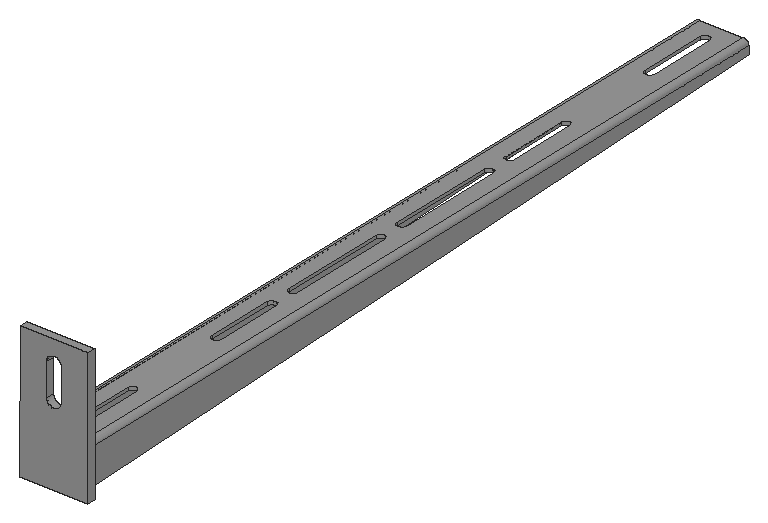
Revit family "Wand- und Stielausleger- FLA 600 G", category Generic Models, Revit 2017
Family settings
  Can host rebar = No
  Round Connector Dimension = Use Diameter
  Part Type = Normal
  Work Plane-Based = No
  Always vertical = Yes
  Cut with Voids When Loaded = No
  Shared = No
  Room Calculation Point = No
Parameters (values of type "FLA 600 G")
  Width = 600 mm
  URL = "http://www.obo-bettermann.com"
  Material = Elektrogalvanised
  Manufacturer Art.No. = "6437891"
  Manufacturer = "OBO BETTERMANN"
  GTIN = "4012196413850"
  Article Type = "FLA 600 G"
Types (3, lengths in mm): name | Material | Manufacturer Art.No. | GTIN | Article Type
  (no name) | Elektrogalvanised | "6437891" | "4012196413850" | "FLA 600 G"
  FLA 600 G | Elektrogalvanised | "6437891" | "4012196413850" | "FLA 600 G"
  FLA 600 FT | Hot dip galvanised | "6437911" | "4012196413911" | "FLA 600 FT"
Reference planes
  plane 1 "Center (Front/Back)": y = 0
  plane 2: z = 0
  plane 3 "Center (Left/Right)": x = 0
  plane 4: y = 6
  plane 5: x = 25
  plane 6: z = 89
  plane 7: z = 35
  plane 8: x = 25
  plane 9: y = 616
  plane 10: y = 604.5
  plane 11: x = 25
  plane 12: y = 475.5
  plane 13: y = 511
  plane 14: y = 404.532
  plane 15: x = 25
  plane 16: y = 304.532
  plane 17: y = 311.032
  plane 18: y = 217.532
  plane 19: x = 25
  plane 20: y = 311
Forms (mm)
  Extrusion 1, solid, material "Elektrogalvanised" <- "Material"
    sketch origin (0, 0, 0) x (1, 0, 0) y (0, 0, 1)
      loop
        line (0, 0) -> (50, 0) -> (50, 100) -> (0, 100) -> (0, 0)
    from 0 to -6
  Extrusion 2, void
    sketch origin (0, 0, 0) x (1, 0, 0) y (0, 0, 1)
      loop
        arc (19.5, 59.5) -> (25, 54) -> (30.5, 59.5) r 5.5
        line (30.5, 59.5) -> (30.5, 83.477)
        arc (30.5, 83.477) -> (25, 88.977) -> (19.5, 83.477) r 5.5
        line (19.5, 83.477) -> (19.5, 59.5)
    from 0 to -6
  Extrusion 3, solid, material "Elektrogalvanised" <- "Material"
    sketch origin (0, 0, 0) x (1, 0, 0) y (0, 0, 1)
      loop
        arc (9, 35) -> (6.172, 33.828) -> (5, 31) r 4
        line (5, 31) -> (5, 5) -> (7, 5) -> (7, 31)
        arc (7, 31) -> (7.586, 32.414) -> (9, 33) r 2
        line (9, 33) -> (41, 33)
        arc (41, 33) -> (42.414, 32.414) -> (43, 31) r 2
        line (43, 31) -> (43, 5) -> (45, 5) -> (45, 31)
        arc (45, 31) -> (43.828, 33.828) -> (41, 35) r 4
        line (41, 35) -> (9, 35)
    from -6 to -616
  Extrusion 4, void
    sketch origin (0, 0, 0) x (0, 1, 0) y (0, 0, 1)
      loop
        line (616, 25) -> (6, 5) -> (616, 5) -> (616, 25)
    from 5 to 7
  Extrusion 5, void
    sketch origin (0, 0, 0) x (0, 1, 0) y (0, 0, 1)
      loop
        line (616, 25) -> (6, 5) -> (616, 5) -> (616, 25)
    from 43 to 45
  Extrusion 6, void
    sketch origin (0, 0, 0) x (1, 0, 0) y (0, 1, 0)
      loop
        arc (21.5, 550) -> (25, 546.5) -> (28.5, 550) r 3.5
        line (28.5, 550) -> (28.5, 600.968)
        arc (28.5, 600.968) -> (25, 604.468) -> (21.5, 600.968) r 3.5
        line (21.5, 600.968) -> (21.5, 550)
    from 33 to 35
  Extrusion 7, void
    sketch origin (0, 1022, 0) x (1, 0, 0) y (0, 1, 0)
      loop
        line (21.5, -550) -> (21.5, -600.968)
        arc (21.5, -600.968) -> (25, -604.468) -> (28.5, -600.968) r 3.5
        line (28.5, -600.968) -> (28.5, -550)
        arc (28.5, -550) -> (25, -546.5) -> (21.5, -550) r 3.5
    from 33 to 35
  Extrusion 8, void
    sketch origin (0, 0, 0) x (1, 0, 0) y (0, 1, 0)
      loop
        arc (21.5, 321.032) -> (25, 317.532) -> (28.5, 321.032) r 3.5
        line (28.5, 321.032) -> (28.5, 401.007)
        arc (28.5, 401.007) -> (25, 404.507) -> (21.5, 401.007) r 3.5
        line (21.5, 401.007) -> (21.5, 321.032)
    from 33 to 35
  Extrusion 9, void
    sketch origin (0, 622.064, 0) x (1, 0, 0) y (0, 1, 0)
      loop
        line (21.5, -321.032) -> (21.5, -401.007)
        arc (21.5, -401.007) -> (25, -404.507) -> (28.5, -401.007) r 3.5
        line (28.5, -401.007) -> (28.5, -321.032)
        arc (28.5, -321.032) -> (25, -317.532) -> (21.5, -321.032) r 3.5
    from 33 to 35
  Extrusion 10, void
    sketch origin (0, 622, 0) x (1, 0, 0) y (0, 1, 0)
      loop
        line (21.5, -550) -> (21.5, -600.968)
        arc (21.5, -600.968) -> (25, -604.468) -> (28.5, -600.968) r 3.5
        line (28.5, -600.968) -> (28.5, -550)
        arc (28.5, -550) -> (25, -546.5) -> (21.5, -550) r 3.5
    from 33 to 35
  Extrusion 11, void
    sketch origin (0, -400, 0) x (1, 0, 0) y (0, 1, 0)
      loop
        arc (21.5, 550) -> (25, 546.5) -> (28.5, 550) r 3.5
        line (28.5, 550) -> (28.5, 600.968)
        arc (28.5, 600.968) -> (25, 604.468) -> (21.5, 600.968) r 3.5
        line (21.5, 600.968) -> (21.5, 550)
    from 33 to 35
Cuts and joins
  Extrusion 2 cuts Extrusion 1
  Extrusion 4, Extrusion 5, Extrusion 6, Extrusion 7, Extrusion 8, Extrusion 9, Extrusion 10, Extrusion 11 cuts Extrusion 3
Dimensions and locks
  locked: Extrusion 1 sketch curve to Extrusion 1 sketch curve at 100
  locked: Extrusion 1 sketch curve to Extrusion 1 sketch curve at 50
  locked: plane 1 "Center (Front/Back)" to plane 4 at 6
  locked: Extrusion 1 to plane 6 at 11
  locked: Extrusion 1 to plane 5 at 25
  locked: Extrusion 2 sketch curve to Extrusion 2 sketch curve at 11
  locked: plane 5 to Extrusion 2 sketch curve at 5.5
  locked: Extrusion 1 to Extrusion 2 sketch curve at 11.023
  locked: plane 6 to Extrusion 2 sketch curve at 35
  locked: cut or joined group of Extrusion 1, Extrusion 2 to plane 7 at 65
  locked: cut or joined group of Extrusion 1, Extrusion 2 to plane 8 at 25
  locked: Extrusion 3 sketch curve to Extrusion 3 sketch curve at 40
  locked: Extrusion 3 sketch curve to plane 8 at 20
  locked: Extrusion 3 sketch curve to Extrusion 3 sketch curve at 36
  locked: Extrusion 3 sketch curve to Extrusion 3 sketch curve at 2  (x2)
  locked: Extrusion 3 sketch curve to cut or joined group of Extrusion 1, Extrusion 2 at 5
  locked: cut or joined group of Extrusion 1, Extrusion 2 to plane 9 at 610
  locked: cut or joined group 1 (Extrusion 3, Extrusion 4, Extrusion 5, Extrusion 6, Extrusion 7, Extrusion 8, Extrusion 9, Extrusion 10, Extrusion 11) to plane 10 at 11.5
  locked: cut or joined group 1 to plane 11 at 20
  locked: Extrusion 6 sketch curve to Extrusion 6 sketch curve at 7
  locked: Extrusion 6 sketch curve to plane 11 at 3.5
  locked: cut or joined group 1 to Extrusion 6 sketch curve at 11.532
  locked: plane 10 to Extrusion 6 sketch curve at 58
  locked: cut or joined group 1 to plane 12 at 71
  locked: plane 13 to plane 12 at 35.5
  locked: Extrusion 7 sketch curve to Extrusion 7 sketch curve at 7
  locked: cut or joined group 1 to plane 14 at 13
  locked: Extrusion 8 sketch curve to Extrusion 8 sketch curve at 7
  locked: Extrusion 8 sketch curve to plane 15 at 3.5
  locked: plane 14 to Extrusion 8 sketch curve at 87
  locked: plane 12 to Extrusion 8 sketch curve at 70.993
  locked: cut or joined group 1 to plane 16 at 13
  locked: plane 17 to plane 16 at 6.5
  locked: Extrusion 9 sketch curve to Extrusion 9 sketch curve at 7
  locked: Extrusion 9 sketch curve to plane 19 at 3.5
  locked: plane 18 to Extrusion 9 sketch curve at 87
  locked: cut or joined group 1 to plane 20 at 305
  locked: Extrusion 10 sketch curve to Extrusion 10 sketch curve at 7
  locked: Extrusion 11 sketch curve to Extrusion 11 sketch curve at 7
  aligned and locked: level to plane 2
  aligned and locked: Extrusion 1 to level
  aligned and locked: Extrusion 1 to plane 3 "Center (Left/Right)"
  aligned and locked: plane 4 to Extrusion 1
  aligned and locked: plane 1 "Center (Front/Back)" to Extrusion 2
  aligned and locked: Extrusion 1 to Extrusion 2
  aligned and locked: Extrusion 3 sketch curve to Extrusion 3 sketch curve
  aligned and locked: Extrusion 3 to plane 4
  aligned and locked: plane 9 to Extrusion 3
  aligned and locked: Extrusion 3 to Extrusion 4
  aligned and locked: Extrusion 4 to Extrusion 3
  aligned and locked: Extrusion 3 to Extrusion 6  (x2)
  aligned and locked: Extrusion 3 to Extrusion 5
  aligned and locked: Extrusion 5 to Extrusion 3
  aligned and locked: Extrusion 3 to Extrusion 8  (x2)
Automatic sketch dimensions
  Extrusion 1 sketch curve to level = 0 mm
  Extrusion 1 sketch curve to plane 3 "Center (Left/Right)" = 0 mm
  Extrusion 3 sketch curve to Extrusion 3 sketch curve = 0 mm  (x6)
  Extrusion 3 sketch curve to plane 7 = 0 mm
  Extrusion 3 sketch curve to Extrusion 3 sketch curve = 2 mm  (x2)
  Extrusion 4 sketch curve to plane 4 = 0 mm
  Extrusion 4 sketch curve to plane 9 = 0 mm
  level to Extrusion 4 sketch curve = 5 mm
  Extrusion 4 sketch curve to Extrusion 4 sketch curve = 20 mm
  Extrusion 5 sketch curve to plane 4 = 0 mm
  Extrusion 5 sketch curve to plane 9 = 0 mm
  level to Extrusion 5 sketch curve = 5 mm
  Extrusion 5 sketch curve to Extrusion 5 sketch curve = 20 mm
  Extrusion 7 sketch curve to plane 11 = 0 mm
  plane 12 to Extrusion 7 sketch curve = 3.5 mm
  Extrusion 7 sketch curve to Extrusion 7 sketch curve = 50.968 mm
  plane 18 to Extrusion 9 sketch curve = 3.526 mm
  Extrusion 10 sketch curve to plane 11 = 0 mm
  Extrusion 10 sketch curve to plane 4 = 66 mm
  Extrusion 10 sketch curve to plane 4 = 15.032 mm
  Extrusion 11 sketch curve to plane 11 = 0 mm
  plane 4 to Extrusion 11 sketch curve = 144 mm
  Extrusion 11 sketch curve to Extrusion 11 sketch curve = 50.968 mm
